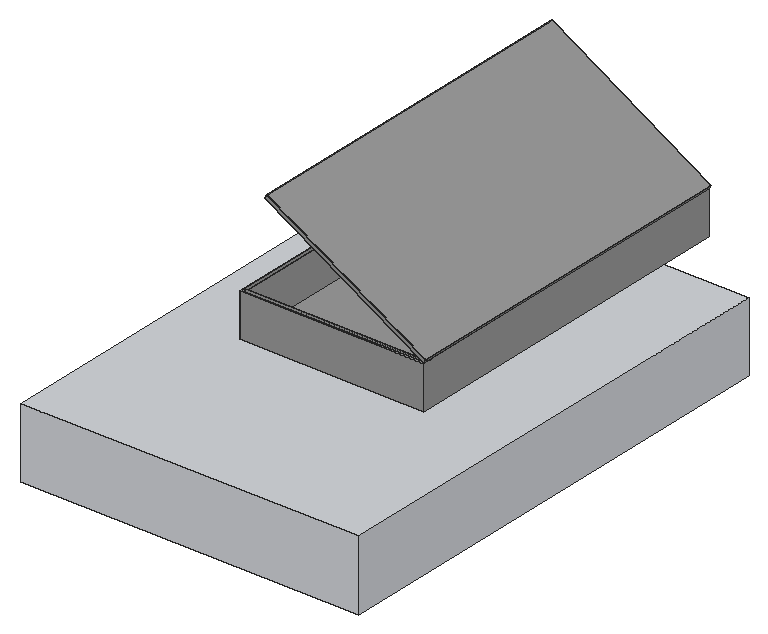
Revit family "Hager-Univers-IP54-D205-H1550-Cl.II-Encl-PT-pt", category Equipement électrique, Revit 2020
Family settings
  Hôte = Face
  Configuration du panneau = Deux colonnes, circuits au sein
  Cote de connecteur circulaire = Utiliser le diamètre
  Type d'élément = Tableau de raccordement
  Couper avec des vides une fois chargée = Non
  Partagée = Non
  Point de calcul de pièce = Non
Parameters (values of type "Montagem em superfície (gesso) IP54 L800 A1550 P205  - FP03SW2")
  Width Control [instance] = if([EF000008 - Largura] > Min Width, [EF000008 - Largura], Min Width)  # 800 mm
  Commentaires du type = [HG000003 - Gama]  # "Univers"
  Thickness Door [instance] = if([EF009171 - Espessura do material da porta/tampa] > 3 mm, 3 mm, [EF009171 - Espessura do material da porta/tampa])  # 1 mm
  Seal Frame Offset [instance] = 17 mm  # constant formula
  Plinth Visibility [instance] = [HG000027 - Altura da Plinta] > 0 mm  # no
  Model = ""
  Min Width [instance] = 100 mm  # constant formula
  Min Height [instance] = 100 mm  # constant formula
  Min Depth [instance] = (2 * [EF009170 - Espessura do material do invólucro]) + 1 mm  # 3 mm
  Internal Frame Depth [instance] = (Door System Depth * 0.5)  # 9 mm
  Height Control [instance] = if([EF000040 - Altura] > Min Height, [EF000040 - Altura], Min Height)  # 1550 mm
  HG000027 - Altura da Plinta = 0 mm
  HG000026 - Instalação no chão = no
  HG000024 - Altura da secção inferior = 800 mm
  HG000023 - Recinto de secção dupla = no
  HG000016 - Visibilidade da porta 3D [instance] = yes
  HG000015 - Visibilidade através da porta [instance] = no
  HG000014 - Porta à direita [instance] = yes
  HG000013 - Porta à esquerda [instance] = not([HG000014 - Porta à direita])  # no
  HG000012 - Ângulo de abertura de porta [instance] = 30.00°
  HG000010 - Portas assimétricas = no
  HG000009 - Porta dupla = no
  HG000006 - Encastrado = no
  HG000004 - Referência do Fabricante = "FP03SW2"
  HG000003 - Gama = "Univers"
  HG000002 - Com porta ou tampa = yes
  Frame Offset Bottom [instance] = 10 mm  # constant formula
  Frame Offset [instance] = 15 mm  # constant formula
  EF015940 - Tampa com libertação de sobrepressão = no
  EF011959 - Grau de proteção (NEMA) = ""
  EF009554 - Número de aberturas para placas de flange = 6
  Fabricant = "Hager"  # constant formula
  EF009212 - Tipo de tampa = "EV000116 - Fechado"
  EF009171 - Espessura do material da porta/tampa = 1 mm
  EF009170 - Espessura do material do invólucro = 1 mm
  EF008873 - Corrente nominal (In) = 250 A
  EF007800 - Adequado para proteção contra raios = no
  EF006306 - Com fecho = no
  EF006244 - Tampa/porta transparente = no
  EF005474 - Grau de proteção (IP) = "EV006419 - IP54"
  EF004464 - Tipo de porta = "EV002646 - Único"
  EF004427 - Número de módulos = 360
  EF004293 - Força de impacto = "EV006815 - IK09"
  EF003532 - Adequado para uso no exterior = no
  EF002950 - Largura em número de módulos = 36
  EF001613 - Integridade do circuito = "EV000494 - Nenhum"
  EF001596 - Material do corpo = "EV000179 - Aço"
  EF001131 - Profundidade interior = 143 mm
  EF001088 - Extensão possível = yes
  EF000437 - Número de entradas de condutores = 6
  EF000339 - Tipo de difusor = "EV001012 - Tampa"
  EF000266 - Número de linhas = 10
  EF000218 - Profundidade incorporada = 205 mm
  EF000118 - Com tampa de montagem = no
  EF000116 - Número RAL = "9010"
  EF000049 - Profundidade = 205 mm
  EF000040 - Altura = 1550 mm
  EF000008 - Largura = 800 mm
  EF000007 - Cor = "EV000202 - Branco"
  EF000003 - Método de montagem = "EV000384 - Montagem em superfície (gesso)"
  Door System Leaf Tolerance [instance] = 1.5 mm  # constant formula
  Door System Depth [instance] = 18 mm  # constant formula
  Door Height [instance] = Height Control - [HG000027 - Altura da Plinta]  # 1550 mm
  Depth Control [instance] = if([EF000049 - Profundidade] > Min Depth, [EF000049 - Profundidade], Min Depth)  # 205 mm
  Default Elevation = 0 mm
  Connector Offset [instance] = Height Control / 2  # 775 mm
  Bottom Top Plate Trim [instance] = 1.5 mm  # constant formula
  Plinth height Ctrl [instance] = if([HG000027 - Altura da Plinta] > 0 mm, [HG000027 - Altura da Plinta], 12 mm)  # 12 mm
Types (5, lengths in mm): name | Width Control | HG000010 - Portas assimétricas | HG000009 - Porta dupla | HG000004 - Referência do Fabricante | EF009554 - Número de aberturas para placas de flange | EF008873 - Corrente nominal (In) | EF004464 - Tipo de porta | EF004427 - Número de módulos | EF002950 - Largura em número de módulos | EF000437 - Número de entradas de condutores | EF000008 - Largura
  Montagem em superfície (gesso) IP54 L1050 A1550 P205  - FP04SW2 | 1050 | no | yes | "FP04SW2" | 8 | 400 A | "EV003602 - Duplo" | 480 | 48 | 8 | 1050
  Montagem em superfície (gesso) IP54 L1300 A1550 P205  - FP05SW2 | 1300 | yes | yes | "FP05SW2" | 10 | 400 A | "EV003602 - Duplo" | 600 | 60 | 10 | 1300
  Montagem em superfície (gesso) IP54 L300 A1550 P205  - FP01SW2 | 300 | no | no | "FP01SW2" | 2 | 250 A | "EV002646 - Único" | 120 | 12 | 2 | 300
  Montagem em superfície (gesso) IP54 L550 A1550 P205  - FP02SW2 | 550 | no | no | "FP02SW2" | 4 | 250 A | "EV002646 - Único" | 240 | 24 | 4 | 550
  Montagem em superfície (gesso) IP54 L800 A1550 P205  - FP03SW2 | 800 | no | no | "FP03SW2" | 6 | 250 A | "EV002646 - Único" | 360 | 36 | 6 | 800
Reference planes
  plane 1 "Center (Front/Back)": y = 0
  plane 2: z = 0
  plane 3 "Center (Left/Right)": x = 0
  plane 4: z = 205
  plane 5: y = 1
  plane 6: y = 775
  plane 7: y = 0
  plane 8: y = 1550
  plane 9: z = 0
  plane 10: x = -385
  plane 11: x = 385
  plane 12: x = 384
  plane 13: x = -384
  plane 14: y = 1549
  plane 15: x = -383
  plane 16: x = -400
  plane 17: x = 383
  plane 18: x = 400
  plane 19: x = 399
  plane 20: x = -399
  plane 21: y = 11
  plane 22: y = 1550
  plane 23: y = 1534
  plane 24: z = 187
  plane 25: z = 1
  plane 26: z = 186
  plane 27: z = 204
Forms (mm)
  Extrusion 1, solid
    sketch origin (0, 0, 0) x (1, 0, 0) y (0, 1, 0)
      loop
        line (-702.964, 1305) -> (-702.964, -811.445) -> (766.763, -811.445) -> (766.763, 1305) -> (-702.964, 1305)
    from 0 to -304.8
  Extrusion 2, solid, material "Hager_Steel_RAL7035_Light_Grey", visible <- "Plinth Visibility", detail levels medium+fine
    sketch origin (0, 0, 0) x (1, 0, 0) y (0, 1, 0)
      loop
        line (-400, 0) -> (400, 0) -> (400, 12) -> (-400, 12) -> (-400, 0)
    from 0 to 187
  Extrusion 3, solid, material "Hager_Steel_RAL7035_Light_Grey", detail levels medium+fine
    sketch origin (0, 0, 0) x (1, 0, 0) y (0, 1, 0)
      loop
        line (-400, 0) -> (400, 0) -> (400, 1550) -> (-400, 1550) -> (-400, 0)
    from 0 to 187
  Extrusion 4, void
    sketch origin (0, 0, 0) x (1, 0, 0) y (0, 1, 0)
      loop
        line (-399, 1) -> (399, 1) -> (399, 1549) -> (-399, 1549) -> (-399, 1)
    from 1 to 186
  Extrusion 5, void
    sketch origin (-381.607, -4572, 187) x (0, -1, 0) y (-1, 0, 0)
      loop
        line (-4583, 2.393) -> (-6106, 2.393) -> (-6106, -765.607) -> (-4583, -765.607) -> (-4583, 2.393)
    from 0 to 1 <- "EF009170 - Espessura do material do invólucro"
  Extrusion 6, solid, material "Hager_Steel_RAL7035_Light_Grey", detail levels fine
    sketch origin (0, 0, 187) x (1, 0, 0) y (0, 1, 0)
      loop
        line (-384, 1534) -> (-384, 11) -> (384, 11) -> (384, 1534) -> (-384, 1534)
      loop
        line (-385, 10) -> (385, 10) -> (385, 1535) -> (-385, 1535) -> (-385, 10)
    from 0 to 9 <- "Internal Frame Depth"
  Extrusion 7, solid, material "Hager_Steel_RAL7035_Light_Grey", detail levels coarse
    sketch origin (0, 0, 0) x (1, 0, 0) y (0, 1, 0)
      loop
        line (-400, 0) -> (400, 0) -> (400, 1550) -> (-400, 1550) -> (-400, 0)
    from 0 to 205
  Sweep 8, void
    path in 3D
      loop
        line (-400, 12, 0) -> (400, 12, 0) -> (400, 12, 187) -> (-400, 12, 187) -> (-400, 12, 0)
    profile origin (-400, 12, 93.5) x (-1, 0, 0) y (0, -1, 0)
      loop
        line (0, 0) -> (0, 1.5) -> (-1.5, 1.5)
        arc (-1.5, 1.5) -> (-1.061, 0.439) -> (0, 0) r 1.5
Cuts and joins
  Extrusion 4, Extrusion 5 cuts Extrusion 3
  Sweep 8 cuts Extrusion 2
Lines and regions (mm)
  Masking region 1
    outline origin (0, 0, 0) x (1, 0, 0) y (0, 0, 1)
      loop
        line (-400, 205) -> (-400, 0) -> (400, 0) -> (400, 205) -> (-400, 205)
  Masking region 2, detail levels medium+fine
    outline origin (0, 140, 0) x (0, 1, 0) y (0, 0, 1)
      loop
        line (-140, 0) -> (1410, 0) -> (1410, 187) -> (-140, 187) -> (-140, 0)
  Masking region 3, not visible, detail levels medium+fine
    outline origin (0, 297.922, 0) x (0, 1, 0) y (0, 0, 1)
      loop
        line (488.578, 0) -> (528.578, 0) -> (528.578, 194)
        arc (528.578, 194) -> (525.649, 201.071) -> (518.578, 204) r 10
        line (518.578, 204) -> (488.578, 204) -> (488.578, 0)
  Masking region 4, detail levels coarse
    outline origin (0, 0, 180) x (0, 1, 0) y (0, 0, 1)
      loop
        line (0, -180) -> (1550, -180) -> (1550, 25) -> (0, 25) -> (0, -180)
  Masking region 5, visible <- "Plinth Visibility", detail levels medium+fine
    outline origin (0, 52.24, 12.345) x (0, 0, -1) y (0, 1, 0)
      loop
        line (10.845, -40.24) -> (-173.155, -40.24)
        arc (-173.155, -40.24) -> (-173.594, -41.301) -> (-174.655, -41.74) r 1.5
        line (-174.655, -41.74) -> (-174.655, -52.24) -> (12.345, -52.24) -> (12.345, -41.74)
        arc (12.345, -41.74) -> (11.285, -41.301) -> (10.845, -40.24) r 1.5
  Masking region 6, detail levels medium+fine
    outline origin (-381.607, -4572, 187) x (-1, 0, 0) y (0, -1, 0)
      loop
        line (18.393, -6122) -> (18.393, -4572) -> (-781.607, -4572) -> (-781.607, -6122) -> (18.393, -6122)
  Masking region 7, visible <- "Plinth Visibility", detail levels medium+fine
    outline origin (-381.607, -4727, 187) x (-1, 0, 0) y (0, -1, 0)
      loop
        arc (16.893, -4739) -> (17.332, -4737.939) -> (18.393, -4737.5) r 1.5
        line (18.393, -4737.5) -> (18.393, -4727) -> (-781.607, -4727) -> (-781.607, -4737.5)
        arc (-781.607, -4737.5) -> (-780.546, -4737.939) -> (-780.107, -4739) r 1.5
        line (-780.107, -4739) -> (16.893, -4739)
  Masking region 8, detail levels coarse
    outline origin (-442.548, -4669.526, 187) x (-1, 0, 0) y (0, -1, 0)
      loop
        line (-42.548, -6219.526) -> (-42.548, -4669.526) -> (-842.548, -4669.526) -> (-842.548, -6219.526) -> (-42.548, -6219.526)
  sketch lines
    curve 1: line (-400, 12, 187) -> (-400, 12, 0)
    curve 2: line (400, 12, 187) -> (-400, 12, 187)
    curve 3: line (400, 12, 187) -> (400, 12, 0)
    curve 4: line (-400, 12, 0) -> (400, 12, 0)
Dimensions and locks
  "Depth Control": plane 4 to Extrusion 1
  "HG000027 - Altura da Plinta": plane 1 "Center (Front/Back)" to plane 7
  "EF009170 - Espessura do material do invólucro": plane 5 to plane 7
  locked: connector elem to plane 3 "Center (Left/Right)"
  equal spacing: plane 8, plane 6, plane 7
  locked: connector elem to plane 6
  "EF009170 - Espessura do material do invólucro": plane 8 to plane 14
  "EF009170 - Espessura do material do invólucro": plane 10 to plane 13
  "EF009170 - Espessura do material do invólucro": plane 12 to plane 11
  "Frame Offset": plane 20 to plane 13
  "Frame Offset": plane 12 to plane 19
  "EF009170 - Espessura do material do invólucro": plane 16 to plane 20
  "EF009170 - Espessura do material do invólucro": plane 19 to plane 18
  "Seal Frame Offset": plane 16 to plane 15
  "Seal Frame Offset": plane 17 to plane 18
  "Frame Offset Bottom": plane 21 to plane 5
  "Frame Offset": plane 14 to plane 23
  equal spacing: plane 16, plane 3 "Center (Left/Right)", plane 18
  "Width Control": plane 16 to plane 18
  "EF009170 - Espessura do material do invólucro": plane 4 to plane 27
  "EF009170 - Espessura do material do invólucro": plane 24 to plane 26
  "EF009170 - Espessura do material do invólucro": plane 25 to level
  "Door System Depth": plane 4 to plane 24
  "Height Control": plane 1 "Center (Front/Back)" to Extrusion 7 sketch curve
  "Height Control": Masking region 4 sketch curve to plane 1 "Center (Front/Back)"
  "Height Control": plane 1 "Center (Front/Back)" to plane 22
  "Bottom Top Plate Trim": profile plane to Sweep 8 sketch curve
  "Bottom Top Plate Trim": Sweep 8 sketch curve to profile plane
  "Plinth height Ctrl": plane 1 "Center (Front/Back)" to Extrusion 2 sketch curve
  "Plinth height Ctrl": Masking region 5 sketch curve to plane 1 "Center (Front/Back)"
  "Plinth height Ctrl": plane 1 "Center (Front/Back)" to Masking region 7 sketch curve
  "Thickness Door": Extrusion 6 sketch curve to Extrusion 6 sketch curve  (x3)
  "Thickness Door": cut or joined group of Extrusion 3, Extrusion 4, Extrusion 5 to Extrusion 6 sketch curve
  radius of Masking region 3 sketch curve = 10 mm
  "Bottom Top Plate Trim": radius of Masking region 5 sketch curve  (x2)
  "Bottom Top Plate Trim": radius of Sweep 8 sketch curve
  "Bottom Top Plate Trim": radius of Masking region 7 sketch curve  (x2)
  aligned and locked: plane 2 to Extrusion 1
  aligned and locked: level to Extrusion 1
  aligned and locked: level to Masking region 1 sketch curve
  aligned and locked: Masking region 1 sketch curve to plane 18
  aligned and locked: Masking region 1 sketch curve to plane 16
  aligned and locked: plane 7 to Masking region 2 sketch curve
  aligned and locked: level to Masking region 3 sketch curve
  aligned and locked: Masking region 3 sketch curve to plane 27
  aligned and locked: level to Masking region 2 sketch curve
  aligned and locked: plane 1 "Center (Front/Back)" to Extrusion 2 sketch curve
  aligned and locked: Extrusion 3 sketch curve to plane 7
  aligned and locked: plane 16 to Extrusion 3 sketch curve
  aligned and locked: plane 18 to Extrusion 3 sketch curve
  aligned and locked: plane 20 to Extrusion 4 sketch curve
  aligned and locked: plane 19 to Extrusion 4 sketch curve
  aligned and locked: Extrusion 4 sketch curve to plane 5
  aligned and locked: Extrusion 4 to plane 25
  aligned and locked: plane 26 to Extrusion 4
  aligned and locked: plane 24 to Extrusion 3
  aligned and locked: Extrusion 5 sketch curve to plane 21
  aligned and locked: Extrusion 5 sketch curve to plane 13
  aligned and locked: Extrusion 5 sketch curve to plane 12
  aligned and locked: plane 18 to Extrusion 7 sketch curve
  aligned and locked: plane 1 "Center (Front/Back)" to Extrusion 7 sketch curve
  aligned and locked: plane 16 to Extrusion 7 sketch curve
  aligned and locked: plane 4 to Extrusion 7
  aligned and locked: Extrusion 7 to level
  aligned and locked: level to Masking region 4 sketch curve
  aligned and locked: Masking region 4 sketch curve to plane 1 "Center (Front/Back)"
  aligned and locked: Masking region 4 sketch curve to plane 4
  aligned and locked: nested 1 to level
  aligned and locked: nested 1 to plane 16
  aligned and locked: plane 8 to Extrusion 3 sketch curve
  aligned and locked: plane 23 to Extrusion 5 sketch curve
  aligned and locked: plane 14 to Extrusion 4 sketch curve
  aligned and locked: Masking region 2 sketch curve to plane 8
  aligned and locked: level to Masking region 5 sketch curve
  aligned and locked: plane 16 to Extrusion 2 sketch curve
  aligned and locked: plane 18 to Extrusion 2 sketch curve
  aligned and locked: Masking region 5 sketch curve to plane 24
  aligned and locked: Masking region 2 sketch curve to plane 24
  aligned and locked: plane 24 to Extrusion 2
  aligned and locked: profile plane to Sweep 8 sketch curve  (x2)
  aligned and locked: Masking region 6 sketch curve to plane 18
  aligned and locked: Masking region 6 sketch curve to plane 22
  aligned and locked: Masking region 6 sketch curve to plane 16
  aligned and locked: plane 8 to plane 22
  aligned and locked: Masking region 6 sketch curve to plane 7
  aligned and locked: Masking region 7 sketch curve to plane 16
  aligned and locked: Masking region 7 sketch curve to plane 1 "Center (Front/Back)"
  aligned and locked: Masking region 7 sketch curve to plane 18
  aligned and locked: Masking region 8 sketch curve to plane 1 "Center (Front/Back)"
  aligned and locked: Masking region 8 sketch curve to plane 18
  aligned and locked: Masking region 8 sketch curve to plane 22
  aligned and locked: Masking region 8 sketch curve to plane 16
  aligned and locked: nested 2 to plane 7
  aligned and locked: plane 3 "Center (Left/Right)" to nested 2
  aligned and locked: nested 2 to plane 24
  aligned and locked: Extrusion 6 sketch curve to cut or joined group of Extrusion 3, Extrusion 4, Extrusion 5  (x4)
Automatic sketch dimensions
  Extrusion 1 sketch curve to Extrusion 1 sketch curve = 1469.727 mm
  Extrusion 1 sketch curve to Extrusion 1 sketch curve = 2116.445 mm
  Masking region 1 sketch curve to plane 4 = 0 mm
  plane 6 to Masking region 3 sketch curve = 11.5 mm
  Masking region 3 sketch curve to Masking region 3 sketch curve = 30 mm
  Masking region 5 sketch curve to plane 1 "Center (Front/Back)" = 0 mm
Nested families
  nested 1: "Hager_Enclosure_Symbol" at (-400, 0, 0) x (1, 0, 0) z (0, -1, 0), Height <- "Depth Control", Width <- "Width Control", type "Hager_Enclosure_Symbol"
    with Width_Ctrl 800 mm, Width 800 mm, Height_Ctrl 205 mm, Height 205 mm, A_Width_Int 13.453 mm, A_Width 161.438 mm, A_Height_Ctrl 179.375 mm, A_Height 179.375 mm
  nested 2: "EC000058_Univers_Door" at (0, 0, 187) x (1, 0, 0) z (0, 1, 0), Leaf_Tolerance <- "Door System Leaf Tolerance", Angle <- "HG000012 - Ângulo de abertura de porta", Door_Depth <- "Door System Depth", Door_Left <- "HG000013 - Porta à esquerda", Transparent <- "EF006244 - Tampa/porta transparente", Assymetrical <- "HG000010 - Portas assimétricas", Width <- "Width Control", Clearance <- "HG000015 - Visibilidade através da porta", Double <- "HG000009 - Porta dupla", 3d_Door <- "HG000016 - Visibilidade da porta 3D", Lock_Visibility <- "EF006306 - Com fecho", Width_Ctrl <- "Width Control", Door_Right <- "HG000014 - Porta à direita", Door <- "HG000002 - Com porta ou tampa", Height <- "Door Height", Thickness <- "Thickness Door", type "EC000058_Univers_Door", detail levels medium+fine
    with min_wh 3 mm, Width_Ctrl 800 mm, Width 800 mm, Transparent no, Thickness 1 mm, Seal_Material Hager_Rubber, Lock_Visibility no, Lock_Material Hager_Plastic_RAL9005_Jet_Black, Leaf_Width 800 mm, Leaf_Tolerance_External_Sides 0 mm, Leaf_Tolerance 1.5 mm, Leaf_Offset 0 mm, Leaf_Height 1547 mm, Leaf_2_Width 800 mm, Leaf_2_Offset 400 mm, Leaf_1_Width 800 mm, Leaf_1_Offset 400 mm, Height_Ctrl 1550 mm, Height 1550 mm, Glass_Material Hager_Glass, Double_Clearance_Ctrl no, Double no, Door_Right_Ctrl yes, Door_Right yes, Door_Material Hager_Steel_RAL7035_Light_Grey, Door_Left_Ctrl no, Door_Left no, Door_Depth 18 mm, Door yes, Clearance_Material Hager_Clearance, Clearance_Depth 800 mm, Clearance_Ctrl no, Clearance no, Assymetrical no, Angle 30.00°, 3d_Door yes
Connectors
  electrical at (0, 775, 0)
    settings: on plane 9, index 1, voltage 0 V, apparent load 0 VA, apparent load phase1 0 VA, apparent load phase2 0 VA, apparent load phase3 0 VA, power factor 1, load classification "Other", number of poles 1, system type 30, power factor state 1, is connector primary yes, connector utility no, sub classification motor no, connector description ""
Definition of nested family "EC000058_Univers_Door"
  Parameters (values of type "EC000058_Univers_Door")
    min_wh [instance] = (2 * Thickness) + 1 mm  # 11 mm
    Width_Ctrl [instance] = 400 mm
    Width [instance] = 500 mm
    Transparent [instance] = yes
    Thickness [instance] = 5 mm
    Seal_Material [instance] = none
    Lock_Visibility [instance] = yes
    Lock_Material [instance] = none
    Leaf_Width [instance] = if((Width_Ctrl - 2 * Leaf_Tolerance_External_Sides) > 0 mm, (Width_Ctrl - 2 * Leaf_Tolerance_External_Sides), min_wh)  # 400 mm
    Leaf_Tolerance_External_Sides [instance] = 0 mm  # constant formula
    Leaf_Tolerance [instance] = 1.5 mm
    Leaf_Offset [instance] = 0 mm  # constant formula
    Leaf_Height [instance] = if((Height_Ctrl - 2 * Leaf_Tolerance) > 0 mm, (Height_Ctrl - 2 * Leaf_Tolerance), min_wh)  # 497 mm
    Leaf_2_Width [instance] = if(and(and(Double, Assymetrical), Door_Left), (Leaf_Width / 3) - (Leaf_Tolerance / 2), if(and(and(Double, Assymetrical), Door_Right), (Leaf_Width / 3) * 2 - (Leaf_Tolerance / 2), if(and(Double, not(Assymetrical)), (Leaf_Width / 2) - Leaf_Tolerance, Leaf_Width)))  # 400 mm
    Leaf_2_Offset [instance] = if(and(Double, Assymetrical), Leaf_2_Width / 2, if(and(Double, not(Assymetrical)), Leaf_Width / 4, Leaf_Width / 2))  # 200 mm
    Leaf_1_Width [instance] = if(and(and(Double, Assymetrical), Door_Right), (Leaf_Width / 3) - (Leaf_Tolerance / 2), if(and(and(Double, Assymetrical), Door_Left), (Width / 3) * 2 - (Leaf_Tolerance / 2), if(and(Double, not(Assymetrical)), (Leaf_Width / 2) - Leaf_Tolerance, Leaf_Width)))  # 400 mm
    Leaf_1_Offset [instance] = if(and(Double, Assymetrical), Leaf_1_Width / 2, if(and(Double, not(Assymetrical)), Leaf_Width / 4, Leaf_Width / 2))  # 200 mm
    Height_Ctrl [instance] = if(Height > min_wh, Height, min_wh)  # 500 mm
    Height [instance] = 500 mm
    Glass_Material [instance] = none
    Double_Clearance_Ctrl [instance] = and(Double, Clearance)  # no
    Double [instance] = no
    Door_Right_Ctrl [instance] = and(or(Door_Right, Double), Door)  # yes
    Door_Right [instance] = yes
    Door_Material [instance] = none
    Door_Left_Ctrl [instance] = and(or(Door_Left, Double), Door)  # no
    Door_Left [instance] = no
    Door_Depth [instance] = 30 mm
    Door [instance] = yes
    Default Elevation = 1219.2 mm
    Clearance_Material [instance] = none
    Clearance_Depth [instance] = if(Leaf_1_Width > Leaf_2_Width, Leaf_1_Width, Leaf_2_Width)  # 400 mm
    Clearance_Ctrl [instance] = and(not(Double), Clearance)  # yes
    Clearance [instance] = yes
    Assymetrical [instance] = yes
    Angle [instance] = 30.00°
    3d_Door [instance] = yes
  Reference planes
    plane 1 "Center (Front/Back)": y = 0
    plane 2 "Bottom": z = 0
    plane 3 "Center (Left/Right)": x = 0
    plane 4: z = 500
    plane 5: x = -200
    plane 6: x = 200
    plane 7: z = 500
    plane 8: x = -200
    plane 9: z = 0
    plane 10: x = 200
    plane 11: y = 0
    plane 12: z = 1.5
    plane 13: x = -600
    plane 14: y = -400
    plane 15: x = 600
    plane 16: x = 0
    plane 17: x = 0
    plane 18: x = -200
    plane 19: x = 200
    plane 20: z = 498.5
  Forms (mm)
    Extrusion 1, solid, material <- "Clearance_Material", visible <- "Double_Clearance_Ctrl"
      sketch origin (1200, 0, 0) x (1, 0, 0) y (0, 0, -1)
        loop
          line (-1800, -498.5) -> (-600, -498.5) -> (-600, 0) -> (-1800, 0) -> (-1800, -498.5)
      from 0 to -400
  Dimensions and locks
    equal spacing: plane 5, plane 3 "Center (Left/Right)", plane 6
    "Width_Ctrl": plane 5 to plane 6
    "Leaf_Offset": plane 5 to plane 8
    "Leaf_Offset": plane 6 to plane 10
    "Leaf_Offset": plane 9 to level
    "Leaf_Offset": plane 4 to plane 7
    "Height_Ctrl": plane 4 to level
    "Leaf_Tolerance": plane 12 to plane 9
    locked: plane 11 to plane 1 "Center (Front/Back)"
    "Leaf_1_Offset": plane 18 to plane 16
    "Leaf_2_Offset": plane 17 to plane 19
    "Leaf_1_Width": plane 13 to plane 8
    "Leaf_2_Width": plane 10 to plane 15
    "Clearance_Depth": plane 14 to plane 1 "Center (Front/Back)"
    "Leaf_Tolerance_External_Sides": plane 8 to plane 18
    "Leaf_Tolerance_External_Sides": plane 19 to plane 10
    "Leaf_Tolerance": plane 7 to plane 20
    aligned and locked: level to plane 2 "Bottom"
    aligned and locked: nested 1 to plane 16
    aligned and locked: nested 2 to plane 17
    aligned and locked: Extrusion 1 to plane 13
    aligned and locked: plane 15 to Extrusion 1
    aligned and locked: Extrusion 1 to plane 14
    aligned and locked: plane 12 to nested 1
    aligned and locked: nested 2 to plane 12
    aligned and locked: Extrusion 1 to plane 11
    aligned and locked: plane 20 to Extrusion 1
    aligned and locked: nested 2 to plane 11
    aligned and locked: nested 1 to plane 11
  Automatic sketch dimensions
    Extrusion 1 sketch curve to level = 0 mm
    plane 5 to Extrusion 1 sketch curve = 400 mm
    plane 6 to Extrusion 1 sketch curve = 400 mm
    Extrusion 1 sketch curve to plane 4 = 1.5 mm
  Nested families
    nested 1: "EC000058_Univers_Door_Leaf" at (0, 0, 1.5), Width <- "Leaf_1_Width", visible <- "Door_Left_Ctrl", Leaf_Height <- "Leaf_Height", Angle <- "Angle", 3d_Door <- "3d_Door", Transparent <- "Transparent", Clearance Material <- "Clearance_Material", Clearance <- "Clearance_Ctrl", Door_Material <- "Door_Material", Glass_Material <- "Glass_Material", Door_Depth <- "Door_Depth", Lock_Material <- "Lock_Material", Seal_Material <- "Seal_Material", Lock_Visibility <- "Lock_Visibility", Thickness <- "Thickness", type "EC000058_Univers_Door_Leaf"
      with Width 400 mm, Transparent_Glass_Offset 30 mm, Transparent_Ctrl yes, Transparent yes, Thickness 5 mm, Standard no, Seal_Material none, Seal_D2 8 mm, Seal_D1 1 mm, Offset_Internal_Frame 10 mm, Lock_Width 20 mm, Lock_Visibility_3d yes, Lock_Visibility yes, Lock_Thickness_3 3 mm, Lock_Thickness_2 1 mm, Lock_Thickness_1 3 mm, Lock_Radius_Offset_2 16 mm, Lock_Radius_Offset_1 15 mm, Lock_Radius_2 5 mm, Lock_Radius 6 mm, Lock_Offset 5 mm, Lock_Material none, Lock_Height 80 mm, Lock_Cover_Top_Offset_2d 17 mm, Lock_Cover_Height -65 mm, Leaf_Height 497 mm, Internal_Seal_Thickness 8 mm, Internal_Seal_Depth_2 4.5 mm, Internal_Frame_Depth 25 mm, Glass_Thickness -1 mm, Glass_Offset -2 mm, Glass_Material none, Door_Material none, Door_Depth 30 mm, Clearance Material none, Clearance yes, Angle_Ctrl 30.00°, Angle 30.00°, 3d_Door yes
    nested 2: "EC000058_Univers_Door_Leaf" at (0, 0, 1.5) x (-1, 0, 0) z (0, 0, 1), Width <- "Leaf_2_Width", visible <- "Door_Right_Ctrl", Leaf_Height <- "Leaf_Height", Angle <- "Angle", 3d_Door <- "3d_Door", Transparent <- "Transparent", Clearance Material <- "Clearance_Material", Clearance <- "Clearance_Ctrl", Door_Material <- "Door_Material", Glass_Material <- "Glass_Material", Door_Depth <- "Door_Depth", Lock_Material <- "Lock_Material", Seal_Material <- "Seal_Material", Lock_Visibility <- "Lock_Visibility", Thickness <- "Thickness", type "EC000058_Univers_Door_Leaf"
      with Width 400 mm, Transparent_Glass_Offset 30 mm, Transparent_Ctrl yes, Transparent yes, Thickness 5 mm, Standard no, Seal_Material none, Seal_D2 8 mm, Seal_D1 1 mm, Offset_Internal_Frame 10 mm, Lock_Width 20 mm, Lock_Visibility_3d yes, Lock_Visibility yes, Lock_Thickness_3 3 mm, Lock_Thickness_2 1 mm, Lock_Thickness_1 3 mm, Lock_Radius_Offset_2 16 mm, Lock_Radius_Offset_1 15 mm, Lock_Radius_2 5 mm, Lock_Radius 6 mm, Lock_Offset 5 mm, Lock_Material none, Lock_Height 80 mm, Lock_Cover_Top_Offset_2d 17 mm, Lock_Cover_Height -65 mm, Leaf_Height 497 mm, Internal_Seal_Thickness 8 mm, Internal_Seal_Depth_2 4.5 mm, Internal_Frame_Depth 25 mm, Glass_Thickness -1 mm, Glass_Offset -2 mm, Glass_Material none, Door_Material none, Door_Depth 30 mm, Clearance Material none, Clearance yes, Angle_Ctrl 30.00°, Angle 30.00°, 3d_Door yes
  Definition of nested family "EC000058_Univers_Door_Leaf"
    Parameters (values of type "EC000058_Univers_Door_Leaf")
      Width [instance] = 2000 mm
      Transparent_Glass_Offset [instance] = 30 mm
      Transparent_Ctrl [instance] = and(Transparent, [3d_Door])  # yes
      Transparent [instance] = yes
      Thickness [instance] = 5 mm
      Standard [instance] = and(not(Transparent), [3d_Door])  # no
      Seal_Material [instance] = none
      Seal_D2 [instance] = 8 mm  # constant formula
      Seal_D1 [instance] = 1 mm  # constant formula
      Offset_Internal_Frame [instance] = 10 mm  # constant formula
      Lock_Width [instance] = 20 mm  # constant formula
      Lock_Visibility_3d [instance] = and(Lock_Visibility, [3d_Door])  # yes
      Lock_Visibility [instance] = yes
      Lock_Thickness_3 [instance] = 3 mm  # constant formula
      Lock_Thickness_2 [instance] = 1 mm  # constant formula
      Lock_Thickness_1 [instance] = 3 mm  # constant formula
      Lock_Radius_Offset_2 [instance] = Lock_Radius_Offset_1 + 1 mm  # 16 mm
      Lock_Radius_Offset_1 [instance] = 15 mm  # constant formula
      Lock_Radius_2 [instance] = Lock_Radius - 1 mm  # 5 mm
      Lock_Radius [instance] = 6 mm  # constant formula
      Lock_Offset [instance] = 5 mm  # constant formula
      Lock_Material [instance] = none
      Lock_Height [instance] = 80 mm  # constant formula
      Lock_Cover_Top_Offset_2d [instance] = Lock_Radius_Offset_2 + 1 mm  # 17 mm
      Lock_Cover_Height [instance] = -(Lock_Height - Lock_Radius_Offset_1)  # -65 mm
      Leaf_Height [instance] = 2720.336 mm
      Internal_Seal_Thickness [instance] = 8 mm  # constant formula
      Internal_Seal_Depth_2 [instance] = 4.5 mm  # constant formula
      Internal_Frame_Depth [instance] = if(Door_Depth - Thickness > 5 mm, Door_Depth - Thickness, 5 mm)  # 25 mm
      Glass_Thickness [instance] = if(Thickness > 15 mm, Glass_Offset + 10 mm, -1 mm)  # -1 mm
      Glass_Offset [instance] = if(Thickness > 15 mm, -(Thickness + 10 mm) / 2, -2 mm)  # -2 mm
      Glass_Material [instance] = none
      Door_Material [instance] = none
      Door_Depth [instance] = 30 mm
      Default Elevation = 0 mm
      Clearance Material [instance] = none
      Clearance [instance] = yes
      Angle_Ctrl [instance] = if(Angle > 180.00°, 180.00°, Angle)  # 90.00°
      Angle [instance] = 90.00°
      3d_Door [instance] = yes
    Reference planes
      plane 1 "Center (Front/Back)": y = 0
      plane 2: z = 0
      plane 3 "Center (Left/Right)": x = 0
      plane 4: y = 2000
      plane 5: x = -1000
      plane 6: x = 1000
      plane 7: x = -3000
      plane 8: z = 2720.336
      plane 9: z = 30
      plane 10: z = 2690.336
      plane 11: x = 970
      plane 12: x = -970
      plane 13: y = -3
      plane 14: z = 107.833
      plane 15: y = -5
      plane 16: y = -223.314
      plane 17: x = -1000
      plane 18: z = 1360.168
      plane 19: y = 30
    Forms (mm)
      Extrusion 1, solid, material <- "Clearance Material", visible <- "Clearance"
        sketch origin (0, 0, 0) x (1, 0, 0) y (0, 0, 1)
          loop
            line (-3000, 2720.336) -> (-3000, 0) -> (1000, 0) -> (1000, 2720.336) -> (-3000, 2720.336)
        from 0 to -2000
      Extrusion 2, solid, material <- "Door_Material", visible <- "Standard", detail levels medium+fine
        sketch origin (-1000, 0, 0) x (0, 1, 0) y (-1, 0, 0)
          loop
            line (0, 30) -> (0, 25) -> (2000, 25) -> (2000, 30) -> (0, 30)
        from 0 to 2720.336 <- "Leaf_Height"
      Extrusion 3, solid, material <- "Door_Material", visible <- "Transparent_Ctrl", detail levels medium+fine
        sketch origin (-1000, 0, 0) x (0, 1, 0) y (-1, 0, 0)
          loop
            line (0, 25) -> (2000, 25) -> (2000, 30) -> (0, 30) -> (0, 25)
        from 0 to 2720.336 <- "Leaf_Height"
      Extrusion 4, void
        sketch origin (-1025, 2000, 0) x (0, 1, 0) y (0, 0, -1)
          loop
            line (-30, -2690.336) -> (-30, -30) -> (-1970, -30) -> (-1970, -2690.336) -> (-30, -2690.336)
        from 0 to 5 <- "Thickness"
      Sweep 5, solid, material <- "Seal_Material", visible <- "Transparent_Ctrl", detail levels fine
        path in 3D
          loop
            line (-1025, 30, 30) -> (-1025, 30, 2690.336) -> (-1025, 1970, 2690.336) -> (-1025, 1970, 30) -> (-1025, 30, 30)
        profile origin (-1025, 1000, 30) x (1, 0, 0) y (0, 0, 1)
          loop
            line (0, 0) -> (0, -8) -> (1, -8) -> (1, 0) -> (0, 0)
      Extrusion 6, solid, material <- "Glass_Material", visible <- "Transparent_Ctrl", detail levels medium+fine
        sketch origin (-1030, 0, 0) x (0, 1, 0) y (0, 0, -1)
          loop
            line (1970, -2690.336) -> (1970, -30) -> (30, -30) -> (30, -2690.336) -> (1970, -2690.336)
        from -2 <- "Glass_Offset" to -1 <- "Glass_Thickness"
      Extrusion 7, solid, material <- "Door_Material", visible <- "3d_Door", detail levels medium+fine
        sketch origin (-1025, 2000, 0) x (0, -1, 0) y (0, 0, -1)
          loop
            line (0, -2720.336) -> (2000, -2720.336) -> (2000, 0) -> (0, 0) -> (0, -2720.336)
          loop
            line (1995, -5) -> (5, -5) -> (5, -2715.336) -> (1995, -2715.336) -> (1995, -5)
        from 0 to 25 <- "Internal_Frame_Depth"
      Sweep 8, solid, material <- "Seal_Material", visible <- "Transparent_Ctrl", detail levels fine
        path in 3D
          loop
            line (-1025, 0, 0) -> (-1025, 2000, 0) -> (-1025, 2000, 2720.336) -> (-1025, 0, 2720.336) -> (-1025, 0, 0)
        profile origin (-1025, 0, 1360.168) x (1, 0, 0) y (0, 1, 0)
          loop
            line (0, 10) -> (2.975, 10)
            arc (2.975, 10) -> (4.053, 10.447) -> (4.5, 11.525) r 1.525
            line (4.5, 11.525) -> (4.5, 16.527)
            arc (4.5, 16.527) -> (4.069, 17.569) -> (3.027, 18) r 1.473
            line (3.027, 18) -> (0, 18) -> (0, 10)
      Extrusion 9, solid, material <- "Lock_Material", visible <- "Lock_Visibility_3d", detail levels fine
        sketch origin (-1030, 0, 0) x (0, 1, 0) y (0, 0, -1)
          loop
            arc (1993.5, -1400.168) -> (1994.561, -1399.729) -> (1995, -1398.668) r 1.5
            line (1995, -1398.668) -> (1995, -1320.168) -> (1975, -1320.168) -> (1975, -1398.668)
            arc (1975, -1398.668) -> (1975.439, -1399.729) -> (1976.5, -1400.168) r 1.5
            line (1976.5, -1400.168) -> (1993.5, -1400.168)
        from 3 <- "Lock_Thickness_1" to 0
      Blend 10, solid, material <- "Lock_Material", visible <- "Lock_Visibility_3d", detail levels fine
        base sketch origin (-1033, 0, 0) x (0, 1, 0) y (0, 0, -1)
          loop
            line (1975, -1320.168) -> (1975, -1398.668)
            arc (1975, -1398.668) -> (1975.439, -1399.729) -> (1976.5, -1400.168) r 1.5
            line (1976.5, -1400.168) -> (1993.5, -1400.168)
            arc (1993.5, -1400.168) -> (1994.561, -1399.729) -> (1995, -1398.668) r 1.5
            line (1995, -1398.668) -> (1995, -1320.168) -> (1975, -1320.168)
        top sketch origin (-1033, 0, 0) x (0, 1, 0) y (0, 0, -1)
          loop
            line (1976, -1320.168) -> (1976, -1398.668)
            arc (1976, -1398.668) -> (1976.146, -1399.022) -> (1976.5, -1399.168) r 0.5
            line (1976.5, -1399.168) -> (1993.5, -1399.168)
            arc (1993.5, -1399.168) -> (1993.854, -1399.022) -> (1994, -1398.668) r 0.5
            line (1994, -1398.668) -> (1994, -1320.168) -> (1976, -1320.168)
        from 0 to 1 <- "Lock_Thickness_2"
      Blend 11, solid, material <- "Lock_Material", visible <- "Lock_Visibility_3d", detail levels fine
        base sketch origin (-1034, 0, 0) x (0, 1, 0) y (0, 0, -1)
          loop
            line (1978, -1320.168) -> (1978, -1384.168)
            arc (1978, -1384.168) -> (1985, -1391.168) -> (1992, -1384.168) r 7
            line (1992, -1384.168) -> (1992, -1320.168) -> (1978, -1320.168)
        top sketch origin (-1034, 0, 0) x (0, 1, 0) y (0, 0, -1)
          loop
            line (1991, -1320.168) -> (1979, -1320.168) -> (1979, -1383.168)
            arc (1979, -1383.168) -> (1985, -1389.168) -> (1991, -1383.168) r 6
            line (1991, -1383.168) -> (1991, -1320.168)
        from 0 to 3 <- "Lock_Thickness_3"
      Extrusion 12, solid, material <- "Lock_Material", visible <- "Lock_Visibility_3d", detail levels fine
        sketch origin (-1030, 1975, 1320.168) x (1, 0, 0) y (0, -1, 0)
          loop
            line (-7, -19) -> (-7, -1) -> (0, -1) -> (0, 0) -> (-8, 0) -> (-8, -20) -> (0, -20) -> (0, -19) -> (-7, -19)
        from 0 to -65 <- "Lock_Cover_Height"
      Extrusion 13, void
        sketch origin (-1038, 1995, 1320.168) x (-1, 0, 0) y (0, 0, -1)
          loop
            line (-5, -65) -> (0, -65) -> (-5, -60) -> (-5, -65)
        from 0 to 20 <- "Lock_Width"
      Extrusion 14, void
        sketch origin (-1038, 1975, 1320.168) x (0, -1, 0) y (0, 0, -1)
          loop
            circle (-10, -15.995) r 6
          loop
            circle (-10, -15.995) r 5
        from 0 to 2
      Extrusion 15, solid, material <- "Lock_Material", visible <- "Lock_Visibility_3d", detail levels medium
        sketch origin (-1030, 0, 0) x (0, 1, 0) y (0, 0, -1)
          loop
            arc (1993.5, -1400.168) -> (1994.561, -1399.729) -> (1995, -1398.668) r 1.5
            line (1995, -1398.668) -> (1995, -1320.168) -> (1975, -1320.168) -> (1975, -1398.668)
            arc (1975, -1398.668) -> (1975.439, -1399.729) -> (1976.5, -1400.168) r 1.5
            line (1976.5, -1400.168) -> (1993.5, -1400.168)
        from 8 to 0
    Cuts and joins
      Extrusion 4 cuts Extrusion 3
      Extrusion 13, Extrusion 14 cuts Extrusion 9
      Extrusion 14 cuts Blend 11
      Extrusion 13, Extrusion 14 cuts Extrusion 12
      joined: Extrusion 9, Blend 10, Blend 11, Extrusion 12
      Extrusion 14 cuts Extrusion 15
    Lines and regions (mm)
      Masking region 1, visible <- "Lock_Visibility", detail levels fine
        outline origin (0, 0, 0) x (0, 1, 0) y (0, 0, 1)
          loop
            line (30, 1320.168) -> (33, 1320.168) -> (33, 1400.168) -> (30, 1400.168) -> (30, 1320.168)
      Masking region 2, visible <- "Lock_Visibility", detail levels fine
        outline origin (0, 3.143, 0) x (0, 1, 0) y (0, 0, 1)
          loop
            line (29.857, 1354.168) -> (30.857, 1354.168) -> (30.857, 1366.168) -> (29.857, 1366.168) -> (29.857, 1354.168)
      Masking region 3, detail levels medium+fine
        outline origin (0, 0, 0) x (0, 1, 0) y (0, 0, 1)
          loop
            line (0, 0) -> (30, 0) -> (30, 2720.336) -> (0, 2720.336) -> (0, 0)
      Masking region 4, detail levels medium+fine
        outline origin (0, 0, 0) x (1, 0, 0) y (0, 0, 1)
          loop
            line (-1000, 2720.336) -> (-1000, 0) -> (1000, 0) -> (1000, 2720.336) -> (-1000, 2720.336)
      Masking region 5, visible <- "Lock_Visibility", detail levels fine
        outline origin (-47.116, 0, 0) x (1, 0, 0) y (0, 0, 1)
          loop
            arc (1024.616, 1399.168) -> (1023.556, 1398.729) -> (1023.116, 1397.668) r 1.5
            line (1023.116, 1397.668) -> (1023.116, 1320.168) -> (1041.116, 1320.168) -> (1041.116, 1397.668)
            arc (1041.116, 1397.668) -> (1040.677, 1398.729) -> (1039.616, 1399.168) r 1.5
            line (1039.616, 1399.168) -> (1024.616, 1399.168)
      Masking region 6, visible <- "Lock_Visibility", detail levels medium+fine
        outline origin (-25, 0, 0) x (1, 0, 0) y (0, 0, 1)
          loop
            arc (1001.5, 1400.168) -> (1000.439, 1399.729) -> (1000, 1398.668) r 1.5
            line (1000, 1398.668) -> (1000, 1320.168) -> (1020, 1320.168) -> (1020, 1398.668)
            arc (1020, 1398.668) -> (1019.561, 1399.729) -> (1018.5, 1400.168) r 1.5
            line (1018.5, 1400.168) -> (1001.5, 1400.168)
      Masking region 7, visible <- "Lock_Visibility", detail levels fine
        outline origin (-73.735, 0, 0) x (1, 0, 0) y (0, 0, 1)
          loop
            line (1051.735, 1382.168) -> (1065.735, 1382.168) -> (1065.735, 1384.168)
            arc (1065.735, 1384.168) -> (1058.735, 1391.168) -> (1051.735, 1384.168) r 7
            line (1051.735, 1384.168) -> (1051.735, 1382.168)
      Masking region 8, visible <- "Lock_Visibility", detail levels fine
        outline origin (-73.735, 0, 0) x (1, 0, 0) y (0, 0, 1)
          loop
            line (1052.735, 1382.168) -> (1064.735, 1382.168) -> (1064.735, 1383.168)
            arc (1064.735, 1383.168) -> (1058.735, 1389.168) -> (1052.735, 1383.168) r 6
            line (1052.735, 1383.168) -> (1052.735, 1382.168)
      Masking region 9, visible <- "Lock_Visibility", detail levels fine
        outline origin (-25, 0, 0) x (1, 0, 0) y (0, 0, 1)
          loop
            line (1020, 1320.168) -> (1020, 1382.168) -> (1000, 1382.168) -> (1000, 1320.168) -> (1020, 1320.168)
      Masking region 10, detail levels medium+fine
        outline origin (0, 0, 0) x (1, 0, 0) y (0, 0, 1)
          loop
            circle (985, 1335.144) r 6
      Masking region 11, detail levels fine
        outline origin (0, 0, 0) x (1, 0, 0) y (0, 0, 1)
          loop
            circle (985, 1335.144) r 5
      Masking region 12, visible <- "Lock_Visibility", detail levels fine
        outline origin (0, 12.767, 0) x (0, 1, 0) y (0, 0, 1)
          loop
            line (20.233, 1320.168) -> (21.233, 1320.168) -> (21.233, 1399.168) -> (20.233, 1400.168) -> (20.233, 1320.168)
      Masking region 13, visible <- "Lock_Visibility", detail levels fine
        outline origin (0, 13.767, -10) x (0, 1, 0) y (0, 0, 1)
          loop
            line (20.233, 1330.168) -> (23.233, 1330.168) -> (23.233, 1399.168) -> (20.233, 1402.168) -> (20.233, 1330.168)
      Masking region 14, visible <- "Lock_Visibility", detail levels fine
        outline origin (0, 12.767, -10) x (0, 1, 0) y (0, 0, 1)
          loop
            line (20.233, 1330.168) -> (25.233, 1330.168) -> (25.233, 1399.305) -> (20.233, 1394.305) -> (20.233, 1330.168)
      Masking region 15, visible <- "Lock_Visibility", detail levels medium
        outline origin (0, 0, 0) x (0, 1, 0) y (0, 0, 1)
          loop
            line (30, 1320.168) -> (38, 1320.168) -> (38, 1400.168) -> (30, 1400.168) -> (30, 1320.168)
      Masking region 16, visible <- "Lock_Visibility", detail levels fine
        outline origin (-1000, 0, 0) x (0, 1, 0) y (-1, 0, 0)
          loop
            line (1975, 30) -> (1995, 30) -> (1995, 38) -> (1975, 38) -> (1975, 30)
          loop
            line (1979, 37) -> (1976, 37) -> (1976, 34) -> (1978, 34) -> (1979, 37)
          loop
            line (1994, 37) -> (1991, 37) -> (1992, 34) -> (1994, 34) -> (1994, 37)
      Masking region 17, visible <- "Lock_Visibility", detail levels medium
        outline origin (-1000, 0, 0) x (0, 1, 0) y (-1, 0, 0)
          loop
            line (1975, 30) -> (1995, 30) -> (1995, 38) -> (1975, 38) -> (1975, 30)
      symbolic lines
        curve 1: line (1000, 0, 0) -> (-3000, 0, 0)
        curve 2: arc (1000, 0, 0) -> (-1000, 2000, 0) -> (-3000, 0, 0) r 2000
        curve 4: line (-1030, 0, 0) -> (-1030, 2000, 0)
      reference lines
        curve 3: line (-1000, 0, 0) -> (-1000, 2000, 0)
      symbolic lines, detail levels medium+fine
        curve 5: line (-1030, 2000, 0) -> (-1025, 2000, 0)
        curve 7: line (-1025, 0, 0) -> (-1030, 0, 0)
        curve 8: line (-1025, 0, 0) -> (-1000, 0, 0)
        curve 9: line (-1000, 0, 0) -> (-1000, 2000, 0)
        curve 10: line (-1000, 2000, 0) -> (-1025, 2000, 0)
      symbolic lines, detail levels fine
        curve 6: line (-1025, 2000, 0) -> (-1025, 0, 0)
      sketch lines
        curve 11: line (-1025, 0, 2720.336) -> (-1025, 0, 0)
        curve 12: line (-1025, 2000, 0) -> (-1025, 0, 0)
        curve 13: line (-1025, 2000, 2720.336) -> (-1025, 2000, 0)
        curve 14: line (-1025, 0, 2720.336) -> (-1025, 2000, 2720.336)
        curve 15: line (-1025, 1970, 30) -> (-1025, 30, 30)
        curve 16: line (-1025, 30, 30) -> (-1025, 30, 2690.336)
        curve 17: line (-1025, 1970, 2690.336) -> (-1025, 1970, 30)
        curve 18: line (-1025, 30, 2690.336) -> (-1025, 1970, 2690.336)
      symbolic lines, visible <- "Transparent", detail levels medium+fine
        curve 19: line (-970, 0, 2690.336) -> (970, 0, 2690.336)
        curve 20: line (-970, 0, 30) -> (-970, 0, 2690.336)
        curve 21: line (970, 0, 30) -> (-970, 0, 30)
        curve 22: line (970, 0, 2690.336) -> (970, 0, 30)
    Dimensions and locks
      "Width": plane 1 "Center (Front/Back)" to plane 4
      equal spacing: plane 5, plane 3 "Center (Left/Right)", plane 6
      "Width": plane 5 to plane 6
      "Width": plane 7 to plane 5
      "Leaf_Height": plane 8 to level
      "Width": curve 5 to curve 3
      "Width": curve 3 to curve 3
      plane 8 to plane 10 = 30 mm
      plane 9 to level = 30 mm
      plane 12 to plane 5 = 30 mm
      plane 6 to plane 11 = 30 mm
      Extrusion 1 to Extrusion 4 sketch curve = 30 mm
      "Transparent_Glass_Offset": curve 3 to Extrusion 4 sketch curve
      "Transparent_Glass_Offset": Extrusion 4 sketch curve to cut or joined group of Extrusion 3, Extrusion 4  (x2)
      cut or joined group of Extrusion 3, Extrusion 4 to Extrusion 6 sketch curve = 30 mm
      "Transparent_Glass_Offset": cut or joined group of Extrusion 3, Extrusion 4 to Extrusion 4 sketch curve
      "Thickness": curve 6 to curve 4
      "Thickness": Extrusion 7 sketch curve to Extrusion 7 sketch curve  (x4)
      "Door_Depth": curve 4 to curve 3
      "Offset_Internal_Frame": profile plane to Sweep 8 sketch curve
      "Internal_Seal_Thickness": Sweep 8 sketch curve to Sweep 8 sketch curve
      "Internal_Seal_Depth_2": profile plane to Sweep 8 sketch curve
      "Seal_D1": profile plane to Sweep 5 sketch curve
      "Seal_D2": profile plane to Sweep 5 sketch curve
      "Thickness": Extrusion 2 sketch curve to Extrusion 2 sketch curve
      equal spacing: Extrusion 9 sketch curve, plane 18, Extrusion 9 sketch curve  (x2)
      equal spacing: Masking region 1 sketch curve, plane 18, Masking region 1 sketch curve
      "Lock_Height": Masking region 1 sketch curve to Masking region 1 sketch curve
      "Lock_Radius": Masking region 2 sketch curve to plane 18 to Masking region 2 sketch curve
      Masking region 2 sketch curve to Masking region 1 = 1 mm
      "Door_Depth": plane 19 to plane 1 "Center (Front/Back)"
      "Lock_Thickness_1": Masking region 1 sketch curve to plane 19
      "Lock_Width": Extrusion 9 sketch curve to Extrusion 9 sketch curve
      "Lock_Height": Extrusion 9 sketch curve to Extrusion 9 sketch curve
      "Lock_Offset": cut or joined group of Extrusion 3, Extrusion 4 to Extrusion 9 sketch curve
      equal spacing: plane 8, plane 18, level
      "Lock_Radius_Offset_1": Blend 11 sketch curve to Blend 10
      locked: Blend 10 to Blend 11 sketch curve at 2  (x2)
      locked: var sketch to Blend 11 sketch curve at 1  (x2)
      "Lock_Radius_Offset_2": Blend 11 sketch curve to Blend 10
      locked: Extrusion 12 sketch curve to Extrusion 12 sketch curve at 1  (x3)
      Masking region 6 sketch curve to Masking region 6 sketch curve = 80 mm
      "Lock_Height": Masking region 6 sketch curve to Masking region 6 sketch curve
      "Lock_Width": Masking region 6 sketch curve to Masking region 6 sketch curve
      locked: Masking region 6 to Masking region 5 sketch curve at 1  (x3)
      locked: Masking region 5 to Masking region 7 sketch curve at 2  (x2)
      "Lock_Radius_Offset_1": Masking region 5 to Masking region 7 sketch curve
      "Lock_Radius_Offset_2": Masking region 5 to Masking region 8 sketch curve
      locked: Masking region 7 to Masking region 8 sketch curve at 1  (x2)
      "Lock_Cover_Top_Offset_2d": Masking region 5 to Masking region 9 sketch curve
      equal spacing: Masking region 9, Masking region 10 sketch curve, Masking region 9
      equal spacing: Masking region 9, Masking region 11 sketch curve, Masking region 9
      Extrusion 15 sketch curve to Extrusion 15 sketch curve = 80 mm
      "Lock_Width": Extrusion 15 sketch curve to Extrusion 15 sketch curve
      "Lock_Height": Extrusion 15 sketch curve to Extrusion 15 sketch curve
      equal spacing: Extrusion 15 sketch curve, plane 18, Extrusion 15 sketch curve
      "Lock_Thickness_3": Masking region 13 sketch curve to Masking region 13 sketch curve
      "Lock_Height": Masking region 12 sketch curve to Masking region 12 sketch curve
      locked: Masking region 13 sketch curve to Masking region 1 at 8
      locked: Masking region 14 sketch curve to Masking region 13 at 1
      locked: Masking region 14 sketch curve to Masking region 1 at 10.863
      "Lock_Height": Masking region 15 sketch curve to Masking region 15 sketch curve
      "Lock_Offset": Extrusion 15 sketch curve to cut or joined group of Extrusion 3, Extrusion 4
      "Lock_Offset": plane 6 to Masking region 6 sketch curve
      radius of Sweep 8 sketch curve = 1.525 mm
      radius of Sweep 8 sketch curve = 1.473 mm
      radius of Extrusion 9 sketch curve = 1.5 mm  (x2)
      "Lock_Radius": radius of Extrusion 14 sketch curve
      "Lock_Radius_2": radius of Extrusion 14 sketch curve
      "Lock_Radius": radius of Masking region 10 sketch curve
      "Lock_Radius_2": radius of Masking region 11 sketch curve
      radius of Extrusion 15 sketch curve = 1.5 mm  (x2)
      "Angle_Ctrl": angle plane 1 "Center (Front/Back)" to curve 3
      locked: Masking region 12 sketch curve to Masking region 12 sketch curve (angle 45.00°)
      locked: Masking region 13 sketch curve to Masking region 13 sketch curve (angle 45.00°)
      locked: Masking region 14 sketch curve to Masking region 14 sketch curve (angle 45.00°)
      aligned and locked: level to plane 2
      aligned and locked: Extrusion 1 to curve 1
      aligned and locked: plane 6 to Extrusion 1
      aligned and locked: Extrusion 1 to plane 1 "Center (Front/Back)"
      aligned and locked: plane 4 to Extrusion 1
      aligned and locked: plane 8 to Extrusion 1
      aligned and locked: curve 7 to Extrusion 2 sketch curve
      aligned and locked: curve 5 to Extrusion 2 sketch curve
      aligned and locked: curve 7 to Extrusion 3 sketch curve
      aligned and locked: Extrusion 3 sketch curve to curve 4
      aligned and locked: Extrusion 3 sketch curve to curve 6
      aligned and locked: Extrusion 3 sketch curve to curve 5
      aligned and locked: curve 9 to curve 3
      aligned and locked: Extrusion 7 sketch curve to cut or joined group of Extrusion 3, Extrusion 4  (x4)
      aligned and locked: plane 17 to curve 3
      aligned and locked: plane 1 "Center (Front/Back)" to curve 3
      aligned and locked: plane 17 to plane 5
      aligned and locked: Sweep 8 sketch curve to profile plane
      aligned and locked: Sweep 5 sketch curve to profile plane  (x2)
      aligned and locked: Masking region 1 to Masking region 2 sketch curve
      aligned and locked: plane 19 to Masking region 1 sketch curve
      aligned and locked: plane 1 "Center (Front/Back)" to Masking region 3 sketch curve
      aligned and locked: plane 19 to Masking region 3 sketch curve
      aligned and locked: level to Masking region 3 sketch curve
      aligned and locked: Masking region 3 sketch curve to plane 8
      aligned and locked: plane 17 to Masking region 4 sketch curve
      aligned and locked: level to Masking region 4 sketch curve
      aligned and locked: Masking region 4 sketch curve to plane 8
      aligned and locked: plane 12 to curve 20
      aligned and locked: plane 10 to curve 19
      aligned and locked: plane 11 to curve 22
      aligned and locked: curve 21 to plane 9
      aligned and locked: Extrusion 2 sketch curve to cut or joined group of Extrusion 3, Extrusion 4
      aligned and locked: Blend 10 sketch curve to Extrusion 9  (x4)
      aligned and locked: Extrusion 9 to Blend 10 sketch curve
      aligned and locked: Blend 10 to Blend 11 sketch curve
      aligned and locked: Extrusion 12 sketch curve to Blend 11
      aligned and locked: Extrusion 12 sketch curve to Extrusion 9  (x4)
      aligned and locked: Masking region 5 sketch curve to Masking region 6
      aligned and locked: Masking region 9 sketch curve to Masking region 6  (x3)
      aligned and locked: Masking region 12 sketch curve to Masking region 1
      aligned and locked: Masking region 13 sketch curve to Masking region 1
      aligned and locked: Masking region 12 to Masking region 14
      aligned and locked: Masking region 14 sketch curve to Masking region 1
      aligned and locked: Masking region 15 sketch curve to Masking region 14
      aligned and locked: Masking region 13 sketch curve to Masking region 12
      aligned and locked: Masking region 16 sketch curve to cut or joined group of Extrusion 14, Extrusion 15  (x4)
      aligned and locked: Masking region 16 sketch curve to cut or joined group of Extrusion 9, Blend 10, Blend 11, Extrusion 12, Extrusion 13, Extrusion 14  (x6)
      aligned and locked: cut or joined group of Extrusion 9, Blend 10, Blend 11, Extrusion 12, Extrusion 13, Extrusion 14 to Masking region 16 sketch curve
      aligned and locked: Masking region 17 sketch curve to cut or joined group of Extrusion 14, Extrusion 15  (x3)
      aligned and locked: Masking region 17 sketch curve to cut or joined group of Extrusion 9, Blend 10, Blend 11, Extrusion 12, Extrusion 13, Extrusion 14
      aligned and locked: Masking region 9 to Masking region 8 sketch curve
      aligned and locked: Masking region 9 to Masking region 7 sketch curve
    Automatic sketch dimensions
      plane 1 "Center (Front/Back)" to curve 2 = 0 mm
      curve 2 to plane 5 = 0 mm
      Extrusion 1 sketch curve to level = 0 mm
      Extrusion 1 sketch curve to plane 7 = 0 mm
      Extrusion 1 sketch curve to plane 6 = 0 mm
      Extrusion 1 sketch curve to plane 8 = 0 mm
      Extrusion 3 to Extrusion 6 sketch curve = 30 mm  (x4)
      Masking region 4 sketch curve to plane 6 = 0 mm
      Blend 10 sketch curve to Extrusion 9 = 1.5 mm
      Blend 10 sketch curve to Extrusion 9 = 1 mm
      Extrusion 13 sketch curve to Extrusion 12 = 0 mm  (x2)
      Extrusion 12 to Extrusion 13 sketch curve = 3 mm
      Extrusion 13 sketch curve to Extrusion 12 = 5 mm
      Extrusion 14 sketch curve to Extrusion 14 sketch curve = 0 mm  (x2)
      Extrusion 14 sketch curve to Extrusion 12 = 10 mm
      Extrusion 14 sketch curve to Extrusion 12 = 15.995 mm
      Masking region 5 sketch curve to Masking region 5 sketch curve = 1.5 mm  (x2)
      Masking region 10 sketch curve to plane 18 = 25.024 mm
      Masking region 11 sketch curve to plane 18 = 25.024 mm
      plane 19 to Masking region 14 sketch curve = 3 mm
      Masking region 16 sketch curve to Masking region 16 sketch curve = 3 mm
      curve 4 to curve 3 = 0 mm
      Blend 10 to Blend 11 sketch curve = 0 mm
      Masking region 6 sketch curve to Masking region 6 sketch curve = 1.5 mm  (x2)
      Masking region 6 sketch curve to plane 18 = 40 mm
      plane 19 to Masking region 12 sketch curve = 3 mm
      Masking region 12 sketch curve to Masking region 12 sketch curve = 1 mm
      Masking region 15 sketch curve to plane 19 = 0 mm
      Masking region 15 sketch curve to plane 18 = 40 mm
      radius of Blend 10 sketch curve to Extrusion 9 = 1 mm
Definition of nested family "Hager_Enclosure_Symbol"
  Parameters (values of type "Hager_Enclosure_Symbol")
    Width_Ctrl [instance] = if(Width > 1 mm, Width, 1 mm)  # 102.27 mm
    Width [instance] = 102.27 mm
    Height_Ctrl [instance] = if(Height > 1 mm, Height, 1 mm)  # 66.5 mm
    A_Width_Int [instance] = if(A_Width / 12 > 2 mm, A_Width / 12, 2 mm)  # 4.364 mm
    A_Width [instance] = if(A_Height_Ctrl * 0.9 > 2 mm, A_Height_Ctrl * 0.9, 2 mm)  # 52.369 mm
    A_Height_Ctrl [instance] = if(A_Height > 2 mm, A_Height, 2 mm)  # 58.188 mm
    Height [instance] = 66.5 mm
    A_Height [instance] = Height - (Height / 8)  # 58.188 mm
  Reference planes
    plane 1 "Centre (avant/arrière)": y = 0
    plane 2: z = 0
    plane 3 "Centre (gauche/droite)": x = 0
    plane 4: x = 52.369
    plane 5: y = 33.042
    plane 6: y = 41.77
    plane 7: y = 66.5
    plane 8: x = 26.184
    plane 9: y = 37.406
    plane 10: x = 102.27
    plane 11: y = 66.5
    plane 12: y = 8.313
  Lines and regions (mm)
    Filled region 1, type "Solid_Black", in view "Niveau de réf."
      outline origin (0, 0, 0) x (1, 0, 0) y (0, 1, 0)
        loop
          line (52.369, 66.5) -> (33.188, 54.536) -> (45.365, 45.006) -> (52.369, 66.5)
    Filled region 2, type "Solid_Black", in view "Niveau de réf."
      outline origin (0, 0, 0) x (1, 0, 0) y (0, 1, 0)
        loop
          line (0, 0) -> (102.27, 0) -> (102.27, 66.5) -> (0, 0)
    detail lines, in view "Niveau de réf."
      curve 1: line (0, 8.313, 0) -> (26.184, 41.77, 0)
      curve 2: line (26.184, 41.77, 0) -> (26.184, 33.042, 0)
      curve 3: line (26.184, 33.042, 0) -> (52.369, 66.5, 0)
  Dimensions and locks
    "A_Width": plane 3 "Centre (gauche/droite)" to plane 4
    equal spacing: plane 3 "Centre (gauche/droite)", plane 8, plane 4
    equal spacing: plane 6, plane 9, plane 5
    equal spacing: curve 3, Filled region 1 sketch curve, Filled region 1 sketch curve
    "Height_Ctrl": plane 1 "Centre (avant/arrière)" to plane 11
    "A_Height_Ctrl": plane 11 to plane 12
    equal spacing: plane 11, plane 9, plane 12
    "A_Width_Int": plane 6 to plane 9
    "Width_Ctrl": plane 3 "Centre (gauche/droite)" to plane 10
    angle Filled region 1 sketch curve to curve 3 = 20.00°
    angle curve 3 to Filled region 1 sketch curve = 20.00°
    locked: curve 3 to Filled region 1 sketch curve (angle 90.00°)
    aligned and locked: plane 10 to Filled region 2
    aligned and locked: plane 11 to Filled region 2 sketch curve
    aligned and locked: plane 10 to Filled region 2 sketch curve
    aligned and locked: plane 3 "Centre (gauche/droite)" to curve 1
    aligned and locked: plane 12 to curve 1
    aligned and locked: plane 7 to plane 11
  Automatic sketch dimensions
    Filled region 1 sketch curve to plane 4 = 0 mm
    Filled region 1 sketch curve to plane 7 = 0 mm
    plane 1 "Centre (avant/arrière)" to Filled region 2 sketch curve = 0 mm
    Filled region 2 sketch curve to plane 3 "Centre (gauche/droite)" = 0 mm
    curve 2 to plane 6 = 0 mm
    curve 2 to plane 8 = 0 mm
    curve 3 to plane 4 = 0 mm
    curve 2 to plane 5 = 0 mm
    curve 3 to plane 7 = 0 mm
